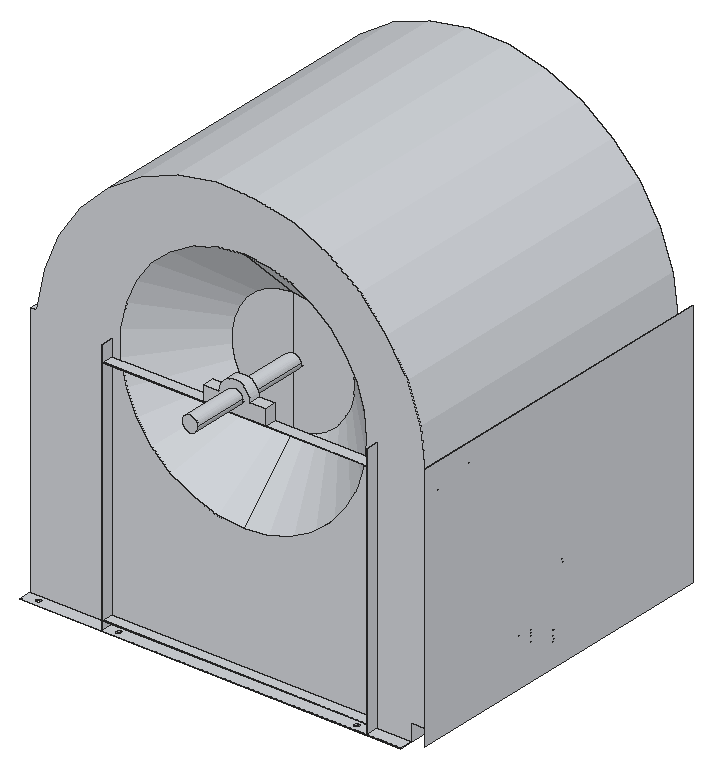
Revit family "CA_DWDI_CCW_BHD", category Mechanical Equipment, Revit 2019
Family settings
  Round Connector Dimension = Use Radius
  Part Type = Normal
  OmniClass Number = 23.75.35.17
  OmniClass Title = Fans
  Work Plane-Based = No
  Always vertical = Yes
  Cut with Voids When Loaded = No
  Shared = No
  Room Calculation Point = No
Parameters (values of type "490_CA-DWDI_CCW_BHD_CLASS_3")
  X/2 = X / 2  # 38 3/4"
  X = 77 1/2"
  W/2 = W / 2  # 17/32"
  W = 1 1/16"
  V = 18"
  Unit Weight [instance] = ""
  U = 26 1/2"
  Type_Mark [instance] = ""
  T = 36 13/16"
  Sones [instance] = ""
  S = 73 5/8"
  R/2 = R / 2  # 1 23/32"
  R+R = R + R  # 6 7/8"
  R = 3 7/16"
  P-N-M = P - N - M  # 2 1/2"
  P-N = -(P - N)  # -78 5/8"
  P = 90 5/8"
  N = 12"
  Motor RPM [instance] = ""
  Motor Enclosure [instance] = ""
  ModelID [instance] = ""
  M/2 = M / 2  # 38 1/16"
  M = 76 1/8"
  LwA [instance] = ""
  L = M / 2  # 38 1/16"
  K = 85"
  J = 47 9/16"
  INLET/2 = INLET / 2  # 27 1/2"
  INLET = 55"
  H-1.5 = H - 1 1/2"  # 88 1/4"
  H = 89 3/4"
  G/5*3 = INLET / 2  # 27 1/2"
  G/10*3 = INLET / 4  # 13 3/4"
  G-2.5" = G - R  # 53 9/16"
  G-(G/5*3) = if(G - INLET > 1/16", G - INLET, 1/4")  # 2"
  G+((G/5*3)+2") = G + ((INLET) + 2")  # 114"
  G = 57"
  Fan RPM [instance] = ""
  F-((D-A)/2) = F - ((D - A) / 2)  # 94 17/32"
  F = 96 3/4"
  E/2 = E / 2  # 37 9/32"
  E = 74 9/16"
  D/2 = D / 2  # 27 23/32"
  D = 55 7/16"
  BHD_L = 3 3/4"
  B/2 = B / 2  # 35 1/16"
  B+.25" = B + 1/4"  # 70 3/8"
  B = 70 1/8"
  Accessories [instance] = ""
  A/2 = A / 2  # 25 1/2"
  A+.25" = A + 1/4"  # 51 1/4"
  A = 51"
  3" = 3"  # constant formula
  Brake Hp [instance] = ""
  4" = 4"  # constant formula
  2' = 24"
  2" = 2"  # constant formula
  1" = 1"  # constant formula
  0 = 0"  # constant formula
  Voltage [instance] = 0 V
  URL = "www.lorencook.com"
  Type Comments = "Airfoil Centrifugal Blower Counter-Clockwise Bottom Horizontal Arrangement 3 Class 3"
  Static Pressure [instance] = 0.00 in-wg
  Power [instance] = Voltage * Motor FLA * sqrt(if(Phase = 3, 3, 1))  # 0 VA
  Phase [instance] = 0
  Number of Poles [instance] = 1
  Motor Hp [instance] = "0"
  Motor FLA [instance] = 0 A
  Model = "CA DWDI"  # constant formula
  Manufacturer = "Loren Cook Company"
  CFM [instance] = 0 CFM
  1.5 = 1 1/2"  # constant formula
  ONE EIGTH = 1/8"  # constant formula
  -P = -P  # -90 5/8"
  -((B+.25")/2) = -((B + 1/4") / 2)  # -35 3/16"
  (M-(B+.25"))/2 = (M - (B + 1/4")) / 2  # 2 7/8"
  (G/5*3)+2" = INLET / 2 + 2"  # 29 1/2"
  (D-A-.25")/2 = (D - A - 1/4") / 2  # 2 3/32"
  ((B+.25")/2) = ((B + 1/4") / 2)  # 35 3/16"
Reference planes (in)
  plane 1 "Center (Front/Back)": y = 0
  plane 2: z = 0
  plane 3 "Center (Left/Right)": x = 0.40541
Forms (in)
  Extrusion 1, solid
    sketch origin (0, 0, 0) x (1, 0, 0) y (0, 0, 1)
      loop
        arc (41.09291, 55) -> (-1.34287, 96.73845) -> (-45.65709, 57) r 43.47187
        line (-45.65709, 57) -> (-47.15709, 57) -> (-47.15709, 0) -> (37.84291, 0) -> (37.84291, 3.75) -> (42.59291, 3.75) -> (42.59291, 55) -> (41.09291, 55)
    from -35.1875 <- "-((B+.25")/2)" to 35.1875 <- "((B+.25")/2)"
  Revolve 2, void
    sketch origin (0.40541, 0, 0) x (0, 1, 0) y (0, 0, 1)
      loop
        line (35.1875, 84.5) -> (21.4375, 70.75) -> (21.4375, 57) -> (35.1875, 57) -> (35.1875, 84.5)
      loop
        line (-35.1875, 84.5) -> (-35.1875, 57) -> (-21.4375, 57) -> (-21.4375, 70.75) -> (-35.1875, 84.5)
      axis (35.1875, 57) -> (-35.1875, 57)
    angle from 0 to 360
  Extrusion 3, solid
    sketch origin (42.59291, 0, 55) x (0, 0, -1) y (0, 1, 0)
      loop
        line (-2.09375, -37.28125) -> (53.34375, -37.28125) -> (53.34375, 37.28125) -> (-2.09375, 37.28125) -> (-2.09375, -37.28125)
    from 0 to -0.125
  Extrusion 4, solid
    sketch origin (0, 0, 0) x (1, 0, 0) y (0, 1, 0)
      loop
        line (37.84291, 38.0625) -> (-47.15709, 38.0625) -> (-47.15709, 35.1875) -> (37.84291, 35.1875) -> (37.84291, 38.0625)
      loop
        line (-47.15709, -38.0625) -> (37.84291, -38.0625) -> (37.84291, -35.1875) -> (-47.15709, -35.1875) -> (-47.15709, -38.0625)
    from 0 to 0.125
  Extrusion 5, void
    sketch origin (0, 0, 0) x (1, 0, 0) y (0, 1, 0)
      loop
        circle (26.90541, 36.8125) r 0.53125
      loop
        circle (-26.09459, 36.8125) r 0.53125
      loop
        circle (-44.09459, 36.8125) r 0.53125
      loop
        circle (-44.09459, -36.8125) r 0.53125
      loop
        circle (-26.09459, -36.8125) r 0.53125
      loop
        circle (26.90541, -36.8125) r 0.53125
    from 0 to 0.125
  Extrusion 6, solid
    sketch origin (-47.15709, -38.0625, 0) x (1, 0, 0) y (0, 0, 1)
      loop
        circle (47.5625, 57) r 1.71875
    from 12 <- "N" to -78.625 <- "P-N"
  Extrusion 7, solid
    sketch origin (0, -35.1875, 0) x (1, 0, 0) y (0, 0, 1)
      loop
        line (29.90541, 57) -> (29.90541, 0) -> (30.03041, 0) -> (30.03041, 57) -> (29.90541, 57)
      loop
        line (-29.09459, 0) -> (-29.09459, 57) -> (-29.21959, 57) -> (-29.21959, 0) -> (-29.09459, 0)
    from 0 to 2.5 <- "P-N-M"
  Extrusion 8, solid
    sketch origin (0, -35.1875, 0) x (1, 0, 0) y (0, 0, 1)
      loop
        line (-29.09459, 2) -> (-29.09459, 1.875) -> (29.90541, 1.875) -> (29.90541, 2) -> (-29.09459, 2)
      loop
        line (29.90541, 53.5625) -> (-29.09459, 53.5625) -> (-29.09459, 53.4375) -> (29.90541, 53.4375) -> (29.90541, 53.5625)
    from 0 to 2.5 <- "P-N-M"
  Extrusion 9, solid
    sketch origin (0, -35.1875, 0) x (1, 0, 0) y (0, 0, 1)
      loop
        arc (3.84291, 57) -> (0.40541, 60.4375) -> (-3.03209, 57) r 3.4375
        line (-3.03209, 57) -> (-6.46959, 57) -> (-6.46959, 53.5625) -> (7.28041, 53.5625) -> (7.28041, 57) -> (3.84291, 57)
    from 0 to 2.5 <- "P-N-M"
  Extrusion 10, solid
    sketch origin (0, 35.1875, 0) x (-1, 0, 0) y (0, 0, 1)
      loop
        line (-29.90541, 0.125) -> (-29.90541, 57) -> (-30.03041, 57) -> (-30.03041, 0.125) -> (-29.90541, 0.125)
      loop
        line (29.09459, 57) -> (29.09459, 0.125) -> (29.21959, 0.125) -> (29.21959, 57) -> (29.09459, 57)
    from 0 to 2.5 <- "P-N-M"
  Extrusion 11, solid
    sketch origin (0, 35.1875, 0) x (-1, 0, 0) y (0, 0, 1)
      loop
        line (29.09459, 53.5625) -> (-29.90541, 53.5625) -> (-29.90541, 53.4375) -> (29.09459, 53.4375) -> (29.09459, 53.5625)
      loop
        line (-29.90541, 2) -> (-29.90541, 1.875) -> (29.09459, 1.875) -> (29.09459, 2) -> (-29.90541, 2)
    from 0 to 2.5 <- "P-N-M"
  Extrusion 12, solid
    sketch origin (0, 35.1875, 0) x (-1, 0, 0) y (0, 0, 1)
      loop
        arc (3.03209, 57) -> (-0.40541, 60.4375) -> (-3.84291, 57) r 3.4375
        line (-3.84291, 57) -> (-7.28041, 57) -> (-7.28041, 53.5625) -> (6.46959, 53.5625) -> (6.46959, 57) -> (3.03209, 57)
    from 0 to 2.5 <- "P-N-M"
Cuts and joins
  Revolve 2, Extrusion 5 cuts Extrusion 1
  Extrusion 5 cuts Extrusion 4
Dimensions and locks (in)
  "A+.25"": Extrusion 1 sketch curve to Extrusion 1 sketch curve
  "0": Extrusion 1 to Revolve 2 sketch curve
  "0": Revolve 2 sketch curve to Extrusion 1
  "G": level to Revolve 2 sketch curve
  "G": Revolve 2 sketch curve to level  (x2)
  "G/10*3": Revolve 2 sketch curve to Revolve 2 sketch curve  (x4)
  "E/2": Extrusion 3 sketch curve to plane 1 "Center (Front/Back)"
  "E/2": plane 1 "Center (Front/Back)" to Extrusion 3 sketch curve
  "D": Extrusion 3 sketch curve to Extrusion 3 sketch curve
  "0": cut or joined group of Extrusion 1, Revolve 2, Extrusion 5 to Extrusion 4 sketch curve  (x3)
  "0": Extrusion 4 sketch curve to cut or joined group of Extrusion 1, Revolve 2, Extrusion 5
  "M/2": Extrusion 4 sketch curve to plane 1 "Center (Front/Back)"
  "M/2": plane 1 "Center (Front/Back)" to Extrusion 4 sketch curve
  "T": plane 1 "Center (Front/Back)" to Extrusion 5 sketch curve  (x3)
  "T": Extrusion 5 sketch curve to plane 1 "Center (Front/Back)"  (x3)
  "U": Extrusion 5 sketch curve to plane 3 "Center (Left/Right)"  (x2)
  "U": plane 3 "Center (Left/Right)" to Extrusion 5 sketch curve  (x2)
  "V": Extrusion 5 sketch curve to Extrusion 5 sketch curve  (x2)
  "G": Extrusion 6 sketch curve to level
  "0": Extrusion 6 sketch curve to plane 3 "Center (Left/Right)"
  "0": Extrusion 7 sketch curve to level  (x2)
  "ONE EIGTH": Extrusion 7 sketch curve to Extrusion 7 sketch curve  (x2)
  "(G/5*3)+2"": Extrusion 7 sketch curve to plane 3 "Center (Left/Right)"
  "(G/5*3)+2"": plane 3 "Center (Left/Right)" to Extrusion 7 sketch curve
  "G": Extrusion 7 sketch curve to level  (x2)
  "(G/5*3)+2"": Extrusion 8 sketch curve to plane 3 "Center (Left/Right)"  (x2)
  "(G/5*3)+2"": plane 3 "Center (Left/Right)" to Extrusion 8 sketch curve  (x2)
  "ONE EIGTH": Extrusion 8 sketch curve to Extrusion 8 sketch curve  (x2)
  "G-(G/5*3)": Extrusion 8 sketch curve to level
  "G-2.5"": Extrusion 8 sketch curve to level
  "R+R": plane 3 "Center (Left/Right)" to Extrusion 9 sketch curve
  "R+R": Extrusion 9 sketch curve to plane 3 "Center (Left/Right)"
  "0": Extrusion 9 sketch curve to plane 3 "Center (Left/Right)"
  "G": Extrusion 9 sketch curve to cut or joined group of Extrusion 4, Extrusion 5
  "0": Extrusion 9 sketch curve to Extrusion 9 sketch curve  (x2)
  "0": Extrusion 9 sketch curve to Extrusion 8
  "ONE EIGTH": level to Extrusion 10 sketch curve  (x2)
  "0": Extrusion 10 sketch curve to Extrusion 7
  "ONE EIGTH": Extrusion 10 sketch curve to Extrusion 10 sketch curve  (x2)
  "(G/5*3)+2"": Extrusion 10 sketch curve to plane 3 "Center (Left/Right)"
  "(G/5*3)+2"": plane 3 "Center (Left/Right)" to Extrusion 10 sketch curve
  "(G/5*3)+2"": Extrusion 11 sketch curve to plane 3 "Center (Left/Right)"  (x2)
  "(G/5*3)+2"": plane 3 "Center (Left/Right)" to Extrusion 11 sketch curve  (x2)
  "ONE EIGTH": Extrusion 11 sketch curve to Extrusion 11 sketch curve  (x2)
  "0": Extrusion 8 to Extrusion 11 sketch curve  (x2)
  "0": Extrusion 12 sketch curve to Extrusion 11
  "G": level to Extrusion 12 sketch curve  (x3)
  "R+R": plane 3 "Center (Left/Right)" to Extrusion 12 sketch curve
  "R+R": Extrusion 12 sketch curve to plane 3 "Center (Left/Right)"
  "0": Extrusion 12 sketch curve to plane 3 "Center (Left/Right)"
  "INLET/2": Revolve 2 sketch curve to Revolve 2 sketch curve  (x2)
  "BHD_L": Extrusion 1 sketch curve to level
  "H": Extrusion 1 sketch curve to Extrusion 1 sketch curve
  "K": Extrusion 1 sketch curve to Extrusion 1 sketch curve
  "J": plane 3 "Center (Left/Right)" to Extrusion 1 sketch curve
  "0": Extrusion 1 sketch curve to level
  "G": Extrusion 1 sketch curve to level
  "1.5": Extrusion 1 sketch curve to Extrusion 1 sketch curve
  "F": Extrusion 1 sketch curve to level
  "G": Extrusion 10 sketch curve to level
  "(D-A-.25")/2": cut or joined group of Extrusion 1, Revolve 2, Extrusion 5 to Extrusion 3 sketch curve
  "K": Extrusion 4 sketch curve to Extrusion 4 sketch curve  (x2)
  "H-1.5": Extrusion 1 sketch curve to Extrusion 1 sketch curve
  "W/2": radius of Extrusion 5 sketch curve  (x6)
  "R/2": radius of Extrusion 6 sketch curve
  "R": radius of Extrusion 9 sketch curve
  "R": radius of Extrusion 12 sketch curve
Automatic sketch dimensions
  Extrusion 9 sketch curve to Extrusion 9 sketch curve = 0"
  plane 1 "Center (Front/Back)" to Revolve 2 sketch curve = 3.84814"
  Revolve 2 sketch curve to Revolve 2 sketch curve = 0"
Connectors (in)
  hvac at (0.40541, -35.1875, 57), driven by "INLET/2"
    settings: on cut or joined group of Extrusion 1, Revolve 2, Extrusion 5, index 1, duct flow 0 CFM, flow factor 0, pres drop 0.00 in-wg, loss coef 0, conn angle 0.00°, conn width 12", conn height 12", conn diameter 55", duct sys type 29, conn prof type 0, flow config 0, flow direction 1, loss method 0, conn ref index -1, conn util no, is conn primary yes, conn desc ""
  hvac at (42.59291, 0, 29.375), driven by "A", driven by "B"
    settings: on cut or joined group of Extrusion 1, Revolve 2, Extrusion 5, index 2, duct flow 0 CFM, flow factor 0, pres drop 0.00 in-wg, loss coef 0, conn angle 0.00°, conn width 70 1/8", conn height 51", conn diameter 24", duct sys type 29, conn prof type 1, flow config 0, flow direction 2, loss method 0, conn ref index -1, conn util no, is conn primary no, conn desc ""
  hvac at (0.40541, 35.1875, 57), driven by "INLET/2"
    settings: on cut or joined group of Extrusion 1, Revolve 2, Extrusion 5, index 3, duct flow 0 CFM, flow factor 0, pres drop 0.00 in-wg, loss coef 0, conn angle 0.00°, conn width 12", conn height 12", conn diameter 55", duct sys type 29, conn prof type 0, flow config 0, flow direction 1, loss method 0, conn ref index -1, conn util no, is conn primary no, conn desc ""
Types (61): name | X/2 | X | W/2 | W | V | U | T | S | R/2 | R+R | R | P-N-M | P-N | P | N | M/2 | M | L | K | J | INLET/2 | INLET | H-1.5 | H | G/5*3 | G/10*3 | G-2.5" | G-(G/5*3) | G+((G/5*3)+2") | G | F-((D-A)/2) | F | E/2 | E | D/2 | D | BHD_L | B/2 | B+.25" | B | A/2 | A+.25" | A | Type Comments | -P | -((B+.25")/2) | (M-(B+.25"))/2 | (G/5*3)+2" | (D-A-.25")/2 | ((B+.25")/2)
  (no name) | 38 3/4" | 77 1/2" | 17/32" | 1 1/16" | 18" | 26 1/2" | 36 13/16" | 73 5/8" | 1 23/32" | 6 7/8" | 3 7/16" | 2 1/2" | -78 5/8" | 90 5/8" | 12" | 38 1/16" | 76 1/8" | 38 1/16" | 85" | 47 9/16" | 27 1/2" | 55" | 88 1/4" | 89 3/4" | 27 1/2" | 13 3/4" | 53 9/16" | 2" | 114" | 57" | 94 17/32" | 96 3/4" | 37 9/32" | 74 9/16" | 27 23/32" | 55 7/16" | 3 3/4" | 35 1/16" | 70 3/8" | 70 1/8" | 25 1/2" | 51 1/4" | 51" | "Airfoil Centrifugal Blower Counter-Clockwise Bottom Horizontal Arrangement 3 Class 3" | -90 5/8" | -35 3/16" | 2 7/8" | 29 1/2" | 2 3/32" | 35 3/16"
  120_CA-DWDI_CCW_BHD_CLASS_1 | 10 31/32" | 21 15/16" | 11/32" | 11/16" | 18" | 7 1/2" | 9 31/32" | 19 15/16" | 23/32" | 2 7/8" | 1 7/16" | 1 1/4" | -22 15/16" | 28 11/16" | 5 3/4" | 10 27/32" | 21 11/16" | 10 27/32" | 22 1/2" | 12 3/8" | 8 1/16" | 16 1/8" | 23" | 24 1/2" | 8 1/16" | 4 1/32" | 14 9/16" | 1/4" | 34 1/8" | 16" | 24 1/16" | 25 3/4" | 10 17/32" | 21 1/16" | 7 3/4" | 15 1/2" | 2 15/16" | 8 27/32" | 17 15/16" | 17 11/16" | 6 1/16" | 12 3/8" | 12 1/8" | "Airfoil Centrifugal Blower Counter-Clockwise Bottom Horizontal Arrangement 3 Class 1" | -28 11/16" | -8 31/32" | 1 7/8" | 10 1/16" | 1 9/16" | 8 31/32"
  135_CA-DWDI_CCW_BHD_CLASS_1 | 12 3/32" | 24 3/16" | 11/32" | 11/16" | 18" | 8 1/2" | 11 3/32" | 22 3/16" | 23/32" | 2 7/8" | 1 7/16" | 1 1/4" | -25 3/16" | 30 15/16" | 5 3/4" | 11 31/32" | 23 15/16" | 11 31/32" | 25" | 13 7/8" | 8 13/16" | 17 5/8" | 25 1/2" | 27" | 8 13/16" | 4 13/32" | 15 9/16" | 1/4" | 36 5/8" | 17" | 26 5/16" | 28" | 11 21/32" | 23 5/16" | 8 1/2" | 17" | 2 5/16" | 9 31/32" | 20 3/16" | 19 15/16" | 6 13/16" | 13 7/8" | 13 5/8" | "Airfoil Centrifugal Blower Counter-Clockwise Bottom Horizontal Arrangement 3 Class 1" | -30 15/16" | -10 3/32" | 1 7/8" | 10 13/16" | 1 9/16" | 10 3/32"
  150_CA-DWDI_CCW_BHD_CLASS_1 | 13 1/8" | 26 1/4" | 11/32" | 11/16" | 18" | 9" | 12 1/8" | 24 1/4" | 27/32" | 3 3/8" | 1 11/16" | 1 5/8" | -27 5/8" | 34 1/4" | 6 5/8" | 13" | 26" | 13" | 26 7/8" | 15 3/16" | 9 9/16" | 19 1/8" | 27 1/2" | 29" | 9 9/16" | 4 25/32" | 17 5/16" | 1/4" | 40 1/8" | 19" | 29 1/2" | 31 3/16" | 12 11/16" | 25 3/8" | 9 5/16" | 18 5/8" | 2 11/16" | 11" | 22 1/4" | 22" | 7 5/8" | 15 1/2" | 15 1/4" | "Airfoil Centrifugal Blower Counter-Clockwise Bottom Horizontal Arrangement 3 Class 1" | -34 1/4" | -11 1/8" | 1 7/8" | 11 9/16" | 1 9/16" | 11 1/8"
  165_CA-DWDI_CCW_BHD_CLASS_1 | 14 1/8" | 28 1/4" | 11/32" | 11/16" | 18" | 10" | 13 1/8" | 26 1/4" | 27/32" | 3 3/8" | 1 11/16" | 1 5/8" | -29 5/8" | 36 1/4" | 6 5/8" | 14" | 28" | 14" | 29 1/8" | 16 5/8" | 10 19/32" | 21 3/16" | 30" | 31 1/2" | 10 19/32" | 5 19/64" | 19 5/16" | 1/4" | 44 3/16" | 21" | 32 11/16" | 34 3/8" | 13 11/16" | 27 3/8" | 10 5/32" | 20 5/16" | 3 1/16" | 12" | 24 1/4" | 24" | 8 15/32" | 17 3/16" | 16 15/16" | "Airfoil Centrifugal Blower Counter-Clockwise Bottom Horizontal Arrangement 3 Class 1" | -36 1/4" | -12 1/8" | 1 7/8" | 12 19/32" | 1 9/16" | 12 1/8"
  180_CA-DWDI_CCW_BHD_CLASS_1 | 15 5/32" | 30 5/16" | 11/32" | 11/16" | 18" | 11" | 14 5/32" | 28 5/16" | 27/32" | 3 3/8" | 1 11/16" | 1 5/8" | -31 11/16" | 38 13/16" | 7 1/8" | 15 1/32" | 30 1/16" | 15 1/32" | 30 7/8" | 18 1/8" | 11 11/32" | 22 11/16" | 32 1/4" | 33 3/4" | 11 11/32" | 5 43/64" | 20 5/16" | 1/4" | 46 11/16" | 22" | 34 15/16" | 36 5/8" | 14 23/32" | 29 7/16" | 10 15/16" | 21 7/8" | 2 7/16" | 13 1/32" | 26 5/16" | 26 1/16" | 9 1/4" | 18 3/4" | 18 1/2" | "Airfoil Centrifugal Blower Counter-Clockwise Bottom Horizontal Arrangement 3 Class 1" | -38 13/16" | -13 5/32" | 1 7/8" | 13 11/32" | 1 9/16" | 13 5/32"
  195_CA-DWDI_CCW_BHD_CLASS_1 | 16 11/32" | 32 11/16" | 11/32" | 11/16" | 6" | 11 1/2" | 15 11/32" | 30 11/16" | 31/32" | 3 7/8" | 1 15/16" | 2" | -34 7/16" | 41 11/16" | 7 1/4" | 16 7/32" | 32 7/16" | 16 7/32" | 33" | 19 7/16" | 12 3/32" | 24 3/16" | 34 3/4" | 36 1/4" | 12 3/32" | 6 3/64" | 22 1/16" | 1/4" | 50 3/16" | 24" | 38 1/8" | 39 13/16" | 15 29/32" | 31 13/16" | 11 7/16" | 22 7/8" | 2 13/16" | 14 7/32" | 28 11/16" | 28 7/16" | 9 3/4" | 19 3/4" | 19 1/2" | "Airfoil Centrifugal Blower Counter-Clockwise Bottom Horizontal Arrangement 3 Class 1" | -41 11/16" | -14 11/32" | 1 7/8" | 14 3/32" | 1 9/16" | 14 11/32"
  210_CA-DWDI_CCW_BHD_CLASS_1 | 17 5/16" | 34 5/8" | 13/32" | 13/16" | 7" | 12" | 16 5/16" | 32 5/8" | 31/32" | 3 7/8" | 1 15/16" | 1 7/8" | -36 1/4" | 44 1/8" | 7 7/8" | 17 3/16" | 34 3/8" | 17 3/16" | 38 7/8" | 21" | 12 31/32" | 25 15/16" | 39 1/2" | 41" | 12 31/32" | 6 31/64" | 24 1/16" | 1/4" | 53 15/16" | 26" | 41 3/8" | 43 1/16" | 16 7/8" | 33 3/4" | 12 1/2" | 25" | 3 1/8" | 15 3/16" | 30 5/8" | 30 3/8" | 10 13/16" | 21 7/8" | 21 5/8" | "Airfoil Centrifugal Blower Counter-Clockwise Bottom Horizontal Arrangement 3 Class 1" | -44 1/8" | -15 5/16" | 1 7/8" | 14 31/32" | 1 9/16" | 15 5/16"
  225_CA-DWDI_CCW_BHD_CLASS_1 | 18 3/8" | 36 3/4" | 13/32" | 13/16" | 7 1/2" | 12 1/2" | 17 3/8" | 34 3/4" | 31/32" | 3 7/8" | 1 15/16" | 3 7/8" | -40 3/8" | 48 1/4" | 7 7/8" | 18 1/4" | 36 1/2" | 18 1/4" | 41 1/4" | 22 3/8" | 13 23/32" | 27 7/16" | 41 1/2" | 43" | 13 23/32" | 6 55/64" | 26 1/16" | 9/16" | 57 7/16" | 28" | 44 9/16" | 46 1/4" | 17 15/16" | 35 7/8" | 13 9/32" | 26 9/16" | 3 1/2" | 16 1/4" | 32 3/4" | 32 1/2" | 11 19/32" | 23 7/16" | 23 3/16" | "Airfoil Centrifugal Blower Counter-Clockwise Bottom Horizontal Arrangement 3 Class 1" | -48 1/4" | -16 3/8" | 1 7/8" | 15 23/32" | 1 9/16" | 16 3/8"
  245_CA-DWDI_CCW_BHD_CLASS_1 | 20 21/32" | 41 5/16" | 13/32" | 13/16" | 8" | 13 1/2" | 18 21/32" | 37 5/16" | 1 3/32" | 4 3/8" | 2 3/16" | 2 1/8" | -41 3/16" | 49 13/16" | 8 5/8" | 19 17/32" | 39 1/16" | 19 17/32" | 43 5/8" | 24 1/4" | 14 23/32" | 29 7/16" | 44 1/2" | 46" | 14 23/32" | 7 23/64" | 27 13/16" | 9/16" | 61 7/16" | 30" | 48 3/16" | 49 7/8" | 19 7/32" | 38 7/16" | 14 7/16" | 28 7/8" | 3 3/8" | 17 17/32" | 35 5/16" | 35 1/16" | 12 3/4" | 25 3/4" | 25 1/2" | "Airfoil Centrifugal Blower Counter-Clockwise Bottom Horizontal Arrangement 3 Class 1" | -49 13/16" | -17 21/32" | 1 7/8" | 16 23/32" | 1 9/16" | 17 21/32"
  270_CA-DWDI_CCW_BHD_CLASS_1 | 22 27/32" | 45 11/16" | 13/32" | 13/16" | 9" | 15" | 20 27/32" | 41 11/16" | 1 3/32" | 4 3/8" | 2 3/16" | 2 1/8" | -45 9/16" | 54 3/16" | 8 5/8" | 21 23/32" | 43 7/16" | 21 23/32" | 47 1/8" | 26 5/8" | 15 31/32" | 31 15/16" | 48 1/2" | 50" | 15 31/32" | 7 63/64" | 30 13/16" | 1 1/16" | 66 15/16" | 33" | 53 1/4" | 54 15/16" | 21 13/32" | 42 13/16" | 15 7/16" | 30 7/8" | 3 5/8" | 19 23/32" | 39 11/16" | 39 7/16" | 13 3/4" | 27 3/4" | 27 1/2" | "Airfoil Centrifugal Blower Counter-Clockwise Bottom Horizontal Arrangement 3 Class 1" | -54 3/16" | -19 27/32" | 1 7/8" | 17 31/32" | 1 9/16" | 19 27/32"
  300_CA-DWDI_CCW_BHD_CLASS_1 | 24 5/8" | 49 1/4" | 13/32" | 13/16" | 10" | 16 1/2" | 22 5/8" | 45 1/4" | 1 7/32" | 4 7/8" | 2 7/16" | 2 1/4" | -49 1/4" | 58 1/2" | 9 1/4" | 23 1/2" | 47" | 23 1/2" | 52" | 29 1/2" | 17 15/32" | 34 15/16" | 53 7/8" | 55 3/8" | 17 15/32" | 8 47/64" | 33 9/16" | 1 1/16" | 72 15/16" | 36" | 58 21/32" | 60 3/8" | 23 7/32" | 46 7/16" | 17 5/16" | 34 5/8" | 3 3/8" | 21 1/2" | 43 1/4" | 43" | 15 19/32" | 31 7/16" | 31 3/16" | "Airfoil Centrifugal Blower Counter-Clockwise Bottom Horizontal Arrangement 3 Class 1" | -58 1/2" | -21 5/8" | 1 7/8" | 19 15/32" | 1 19/32" | 21 5/8"
  330_CA-DWDI_CCW_BHD_CLASS_1 | 26 23/32" | 53 7/16" | 13/32" | 13/16" | 12" | 18" | 24 21/32" | 49 5/16" | 1 11/32" | 5 3/8" | 2 11/16" | 2 7/16" | -53 1/2" | 63 9/16" | 10 1/16" | 25 17/32" | 51 1/16" | 25 17/32" | 57" | 32 5/16" | 18 31/32" | 37 15/16" | 59 1/4" | 60 3/4" | 18 31/32" | 9 31/64" | 36 5/16" | 1 1/16" | 78 15/16" | 39" | 63 19/32" | 65 13/16" | 25 3/4" | 51 1/2" | 19 15/32" | 38 15/16" | 3 1/8" | 23 17/32" | 47 5/16" | 47 1/16" | 17 1/4" | 34 3/4" | 34 1/2" | "Airfoil Centrifugal Blower Counter-Clockwise Bottom Horizontal Arrangement 3 Class 1" | -63 9/16" | -23 21/32" | 1 7/8" | 20 31/32" | 2 3/32" | 23 21/32"
  365_CA-DWDI_CCW_BHD_CLASS_1 | 29 9/32" | 58 9/16" | 13/32" | 13/16" | 13" | 20" | 27 7/32" | 54 7/16" | 1 3/32" | 4 3/8" | 2 3/16" | 2 13/16" | -59" | 69 5/16" | 10 5/16" | 28 3/32" | 56 3/16" | 28 3/32" | 63" | 35 9/16" | 20 23/32" | 41 7/16" | 65 1/2" | 67" | 20 23/32" | 10 23/64" | 40 13/16" | 1 9/16" | 86 7/16" | 43" | 70 13/32" | 72 5/8" | 28 5/16" | 56 5/8" | 21 9/16" | 43 1/8" | 3 1/4" | 26 3/32" | 52 7/16" | 52 3/16" | 19 11/32" | 38 15/16" | 38 11/16" | "Airfoil Centrifugal Blower Counter-Clockwise Bottom Horizontal Arrangement 3 Class 1" | -69 5/16" | -26 7/32" | 1 7/8" | 22 23/32" | 2 3/32" | 26 7/32"
  402_CA-DWDI_CCW_BHD_CLASS_1 | 32 19/32" | 65 3/16" | 17/32" | 1 1/16" | 14" | 22" | 30 21/32" | 61 5/16" | 1 7/32" | 4 7/8" | 2 7/16" | 1 7/8" | -65 11/16" | 75 11/16" | 10" | 31 29/32" | 63 13/16" | 31 29/32" | 69" | 39 3/16" | 22 19/32" | 45 3/16" | 72 3/8" | 73 7/8" | 22 19/32" | 11 19/64" | 44 9/16" | 1 13/16" | 94 3/16" | 47" | 77 13/32" | 79 5/8" | 31 1/8" | 62 1/4" | 23 3/32" | 46 3/16" | 3 1/4" | 28 29/32" | 58 1/16" | 57 13/16" | 20 7/8" | 42" | 41 3/4" | "Airfoil Centrifugal Blower Counter-Clockwise Bottom Horizontal Arrangement 3 Class 1" | -75 11/16" | -29 1/32" | 2 7/8" | 24 19/32" | 2 3/32" | 29 1/32"
  445_CA-DWDI_CCW_BHD_CLASS_1 | 35 13/16" | 71 5/8" | 17/32" | 1 1/16" | 16" | 24" | 33 7/8" | 67 3/4" | 1 7/32" | 4 7/8" | 2 7/16" | 1 3/4" | -72" | 82 5/8" | 10 5/8" | 35 1/8" | 70 1/4" | 35 1/8" | 77" | 43 3/16" | 24 23/32" | 49 7/16" | 80" | 81 1/2" | 24 23/32" | 12 23/64" | 49 9/16" | 2 9/16" | 103 7/16" | 52" | 85 29/32" | 88 1/8" | 34 11/32" | 68 11/16" | 25 3/16" | 50 3/8" | 3 5/8" | 32 1/8" | 64 1/2" | 64 1/4" | 22 31/32" | 46 3/16" | 45 15/16" | "Airfoil Centrifugal Blower Counter-Clockwise Bottom Horizontal Arrangement 3 Class 1" | -82 5/8" | -32 1/4" | 2 7/8" | 26 23/32" | 2 3/32" | 32 1/4"
  490_CA-DWDI_CCW_BHD_CLASS_1 | 38 3/4" | 77 1/2" | 17/32" | 1 1/16" | 18" | 26 1/2" | 36 13/16" | 73 5/8" | 1 15/32" | 5 7/8" | 2 15/16" | 1 7/8" | -78" | 89 1/2" | 11 1/2" | 38 1/16" | 76 1/8" | 38 1/16" | 85" | 47 9/16" | 27 1/2" | 55" | 88 1/4" | 89 3/4" | 27 1/2" | 13 3/4" | 54 1/16" | 2" | 114" | 57" | 94 17/32" | 96 3/4" | 37 9/32" | 74 9/16" | 27 23/32" | 55 7/16" | 3 3/4" | 35 1/16" | 70 3/8" | 70 1/8" | 25 1/2" | 51 1/4" | 51" | "Airfoil Centrifugal Blower Counter-Clockwise Bottom Horizontal Arrangement 3 Class 1" | -89 1/2" | -35 3/16" | 2 7/8" | 29 1/2" | 2 3/32" | 35 3/16"
  540_CA-DWDI_CCW_BHD_CLASS_1 | 44 5/32" | 88 5/16" | 17/32" | 1 1/16" | 20" | 29" | 40 23/32" | 81 7/16" | 1 23/32" | 6 7/8" | 3 7/16" | 1 15/16" | -85 7/8" | 98 5/16" | 12 7/16" | 41 31/32" | 83 15/16" | 41 31/32" | 94" | 52 1/4" | 30" | 60" | 97 1/4" | 98 3/4" | 30" | 15" | 58 9/16" | 2" | 124" | 62" | 103 19/32" | 105 13/16" | 41 3/16" | 82 3/8" | 30 3/32" | 60 3/16" | 3 1/4" | 38 31/32" | 78 3/16" | 77 15/16" | 27 7/8" | 56" | 55 3/4" | "Airfoil Centrifugal Blower Counter-Clockwise Bottom Horizontal Arrangement 3 Class 1" | -98 5/16" | -39 3/32" | 2 7/8" | 32" | 2 3/32" | 39 3/32"
  600_CA-DWDI_CCW_BHD_CLASS_1 | 48 5/16" | 96 5/8" | 17/32" | 1 1/16" | 22" | 32" | 44 7/8" | 89 3/4" | 1 23/32" | 6 7/8" | 3 7/16" | 2 1/4" | -94 1/2" | 107 1/2" | 13" | 46 1/8" | 92 1/4" | 46 1/8" | 105" | 57 15/16" | 33" | 66" | 108 1/8" | 109 5/8" | 33" | 16 1/2" | 65 9/16" | 3" | 137" | 69" | 115 15/32" | 117 11/16" | 45 11/32" | 90 11/16" | 33 5/16" | 66 5/8" | 3 3/4" | 43 1/8" | 86 1/2" | 86 1/4" | 31 3/32" | 62 7/16" | 62 3/16" | "Airfoil Centrifugal Blower Counter-Clockwise Bottom Horizontal Arrangement 3 Class 1" | -107 1/2" | -43 1/4" | 2 7/8" | 35" | 2 3/32" | 43 1/4"
  660_CA-DWDI_CCW_BHD_CLASS_1 | 52 5/8" | 105 1/4" | 17/32" | 1 1/16" | 25" | 35" | 49 3/16" | 98 3/8" | 1 31/32" | 7 7/8" | 3 15/16" | 2 3/16" | -103 1/16" | 117 7/8" | 14 13/16" | 50 7/16" | 100 7/8" | 50 7/16" | 116" | 63 3/4" | 36" | 72" | 119 1/8" | 120 5/8" | 36" | 18" | 71 1/16" | 3" | 149" | 75" | 126 11/32" | 128 9/16" | 49 21/32" | 99 5/16" | 36 7/16" | 72 7/8" | 3 1/4" | 47 7/16" | 95 1/8" | 94 7/8" | 34 7/32" | 68 11/16" | 68 7/16" | "Airfoil Centrifugal Blower Counter-Clockwise Bottom Horizontal Arrangement 3 Class 1" | -117 7/8" | -47 9/16" | 2 7/8" | 38" | 2 3/32" | 47 9/16"
  730 _CA-DWDI_CCW_BHD_CLASS_1 | 57 9/16" | 115 1/8" | 17/32" | 1 1/16" | 28" | 38 1/2" | 54 1/8" | 108 1/4" | 2 7/32" | 8 7/8" | 4 7/16" | 2 3/16" | -112 15/16" | 129 1/4" | 16 5/16" | 55 3/8" | 110 3/4" | 55 3/8" | 129" | 70 3/8" | 39 1/2" | 79" | 131 3/4" | 133 1/4" | 39 1/2" | 19 3/4" | 78 9/16" | 4" | 164" | 83" | 140 1/32" | 142 1/4" | 54 19/32" | 109 3/16" | 40 1/8" | 80 1/4" | 3 5/8" | 52 3/8" | 105" | 104 3/4" | 37 29/32" | 76 1/16" | 75 13/16" | "Airfoil Centrifugal Blower Counter-Clockwise Bottom Horizontal Arrangement 3 Class 1" | -129 1/4" | -52 1/2" | 2 7/8" | 41 1/2" | 2 3/32" | 52 1/2"
  120_CA-DWDI_CCW_BHD_CLASS_2 | 10 31/32" | 21 15/16" | 11/32" | 11/16" | 18" | 7 1/2" | 9 31/32" | 19 15/16" | 27/32" | 3 3/8" | 1 11/16" | 1 5/8" | -23 5/16" | 29 7/16" | 6 1/8" | 10 27/32" | 21 11/16" | 10 27/32" | 22 1/2" | 12 3/8" | 8 1/16" | 16 1/8" | 23" | 24 1/2" | 8 1/16" | 4 1/32" | 14 5/16" | 1/4" | 34 1/8" | 16" | 24 1/16" | 25 3/4" | 10 17/32" | 21 1/16" | 7 3/4" | 15 1/2" | 2 15/16" | 8 27/32" | 17 15/16" | 17 11/16" | 6 1/16" | 12 3/8" | 12 1/8" | "Airfoil Centrifugal Blower Counter-Clockwise Bottom Horizontal Arrangement 3 Class 2" | -29 7/16" | -8 31/32" | 1 7/8" | 10 1/16" | 1 9/16" | 8 31/32"
  120_CA-DWDI_CCW_BHD_CLASS_3 | 10 31/32" | 21 15/16" | 11/32" | 11/16" | 18" | 7 1/2" | 9 31/32" | 19 15/16" | 31/32" | 3 7/8" | 1 15/16" | 1 7/8" | -23 9/16" | 29 15/16" | 6 3/8" | 10 27/32" | 21 11/16" | 10 27/32" | 22 1/2" | 12 3/8" | 8 1/16" | 16 1/8" | 23" | 24 1/2" | 8 1/16" | 4 1/32" | 14 1/16" | 1/4" | 34 1/8" | 16" | 24 1/16" | 25 3/4" | 10 17/32" | 21 1/16" | 7 3/4" | 15 1/2" | 2 15/16" | 8 27/32" | 17 15/16" | 17 11/16" | 6 1/16" | 12 3/8" | 12 1/8" | "Airfoil Centrifugal Blower Counter-Clockwise Bottom Horizontal Arrangement 3 Class 3" | -29 15/16" | -8 31/32" | 1 7/8" | 10 1/16" | 1 9/16" | 8 31/32"
  135_CA-DWDI_CCW_BHD_CLASS_2 | 12 3/32" | 24 3/16" | 11/32" | 11/16" | 18" | 8 1/2" | 11 3/32" | 22 3/16" | 27/32" | 3 3/8" | 1 11/16" | 1 5/8" | -25 9/16" | 31 11/16" | 6 1/8" | 11 31/32" | 23 15/16" | 11 31/32" | 25" | 13 7/8" | 8 13/16" | 17 5/8" | 25 1/2" | 27" | 8 13/16" | 4 13/32" | 15 5/16" | 1/4" | 36 5/8" | 17" | 26 5/16" | 28" | 11 21/32" | 23 5/16" | 8 1/2" | 17" | 2 5/16" | 9 31/32" | 20 3/16" | 19 15/16" | 6 13/16" | 13 7/8" | 13 5/8" | "Airfoil Centrifugal Blower Counter-Clockwise Bottom Horizontal Arrangement 3 Class 2" | -31 11/16" | -10 3/32" | 1 7/8" | 10 13/16" | 1 9/16" | 10 3/32"
  135_CA-DWDI_CCW_BHD_CLASS_3 | 12 3/32" | 24 3/16" | 11/32" | 11/16" | 18" | 8 1/2" | 11 3/32" | 22 3/16" | 1 3/32" | 4 3/8" | 2 3/16" | 2 1/8" | -26 1/16" | 32 11/16" | 6 5/8" | 11 31/32" | 23 15/16" | 11 31/32" | 25" | 13 7/8" | 8 13/16" | 17 5/8" | 25 1/2" | 27" | 8 13/16" | 4 13/32" | 14 13/16" | 1/4" | 36 5/8" | 17" | 26 5/16" | 28" | 11 21/32" | 23 5/16" | 8 1/2" | 17" | 2 5/16" | 9 31/32" | 20 3/16" | 19 15/16" | 6 13/16" | 13 7/8" | 13 5/8" | "Airfoil Centrifugal Blower Counter-Clockwise Bottom Horizontal Arrangement 3 Class 3" | -32 11/16" | -10 3/32" | 1 7/8" | 10 13/16" | 1 9/16" | 10 3/32"
  150_CA-DWDI_CCW_BHD_CLASS_2 | 13 1/8" | 26 1/4" | 11/32" | 11/16" | 18" | 9" | 12 1/8" | 24 1/4" | 31/32" | 3 7/8" | 1 15/16" | 1 7/8" | -27 7/8" | 34 3/4" | 6 7/8" | 13" | 26" | 13" | 26 7/8" | 15 3/16" | 9 9/16" | 19 1/8" | 27 1/2" | 29" | 9 9/16" | 4 25/32" | 17 1/16" | 1/4" | 40 1/8" | 19" | 29 1/2" | 31 3/16" | 12 11/16" | 25 3/8" | 9 5/16" | 18 5/8" | 2 11/16" | 11" | 22 1/4" | 22" | 7 5/8" | 15 1/2" | 15 1/4" | "Airfoil Centrifugal Blower Counter-Clockwise Bottom Horizontal Arrangement 3 Class 2" | -34 3/4" | -11 1/8" | 1 7/8" | 11 9/16" | 1 9/16" | 11 1/8"
  150_CA-DWDI_CCW_BHD_CLASS_3 | 13 1/8" | 26 1/4" | 11/32" | 11/16" | 18" | 9" | 12 1/8" | 24 1/4" | 1 7/32" | 4 7/8" | 2 7/16" | 2 1/4" | -28 1/4" | 35 1/2" | 7 1/4" | 13" | 26" | 13" | 26 7/8" | 15 3/16" | 9 9/16" | 19 1/8" | 27 1/2" | 29" | 9 9/16" | 4 25/32" | 16 9/16" | 1/4" | 40 1/8" | 19" | 29 1/2" | 31 3/16" | 12 11/16" | 25 3/8" | 9 5/16" | 18 5/8" | 2 11/16" | 11" | 22 1/4" | 22" | 7 5/8" | 15 1/2" | 15 1/4" | "Airfoil Centrifugal Blower Counter-Clockwise Bottom Horizontal Arrangement 3 Class 3" | -35 1/2" | -11 1/8" | 1 7/8" | 11 9/16" | 1 9/16" | 11 1/8"
  165_CA-DWDI_CCW_BHD_CLASS_2 | 14 1/8" | 28 1/4" | 11/32" | 11/16" | 18" | 10" | 13 1/8" | 26 1/4" | 31/32" | 3 7/8" | 1 15/16" | 1 7/8" | -29 7/8" | 36 3/4" | 6 7/8" | 14" | 28" | 14" | 29 1/8" | 16 5/8" | 10 19/32" | 21 3/16" | 30" | 31 1/2" | 10 19/32" | 5 19/64" | 19 1/16" | 1/4" | 44 3/16" | 21" | 32 11/16" | 34 3/8" | 13 11/16" | 27 3/8" | 10 5/32" | 20 5/16" | 3 1/16" | 12" | 24 1/4" | 24" | 8 15/32" | 17 3/16" | 16 15/16" | "Airfoil Centrifugal Blower Counter-Clockwise Bottom Horizontal Arrangement 3 Class 2" | -36 3/4" | -12 1/8" | 1 7/8" | 12 19/32" | 1 9/16" | 12 1/8"
  165_CA-DWDI_CCW_BHD_CLASS_3 | 14 1/8" | 28 1/4" | 11/32" | 11/16" | 18" | 10" | 13 1/8" | 26 1/4" | 1 7/32" | 4 7/8" | 2 7/16" | 2 5/16" | -30 5/16" | 37 1/2" | 7 3/16" | 14" | 28" | 14" | 29 1/8" | 16 5/8" | 10 19/32" | 21 3/16" | 30" | 31 1/2" | 10 19/32" | 5 19/64" | 18 9/16" | 1/4" | 44 3/16" | 21" | 32 11/16" | 34 3/8" | 13 11/16" | 27 3/8" | 10 5/32" | 20 5/16" | 3 1/16" | 12" | 24 1/4" | 24" | 8 15/32" | 17 3/16" | 16 15/16" | "Airfoil Centrifugal Blower Counter-Clockwise Bottom Horizontal Arrangement 3 Class 3" | -37 1/2" | -12 1/8" | 1 7/8" | 12 19/32" | 1 9/16" | 12 1/8"
  180_CA-DWDI_CCW_BHD_CLASS_2 | 15 5/32" | 30 5/16" | 11/32" | 11/16" | 18" | 11" | 14 5/32" | 28 5/16" | 31/32" | 3 7/8" | 1 15/16" | 1 7/8" | -31 15/16" | 39 5/16" | 7 3/8" | 15 1/32" | 30 1/16" | 15 1/32" | 30 7/8" | 18 1/8" | 11 11/32" | 22 11/16" | 32 1/4" | 33 3/4" | 11 11/32" | 5 43/64" | 20 1/16" | 1/4" | 46 11/16" | 22" | 34 15/16" | 36 5/8" | 14 23/32" | 29 7/16" | 10 15/16" | 21 7/8" | 2 7/16" | 13 1/32" | 26 5/16" | 26 1/16" | 9 1/4" | 18 3/4" | 18 1/2" | "Airfoil Centrifugal Blower Counter-Clockwise Bottom Horizontal Arrangement 3 Class 2" | -39 5/16" | -13 5/32" | 1 7/8" | 13 11/32" | 1 9/16" | 13 5/32"
  180_CA-DWDI_CCW_BHD_CLASS_3 | 15 5/32" | 30 5/16" | 11/32" | 11/16" | 18" | 11" | 14 5/32" | 28 5/16" | 1 7/32" | 4 7/8" | 2 7/16" | 2 1/4" | -32 5/16" | 40 1/16" | 7 3/4" | 15 1/32" | 30 1/16" | 15 1/32" | 30 7/8" | 18 1/8" | 11 11/32" | 22 11/16" | 32 1/4" | 33 3/4" | 11 11/32" | 5 43/64" | 19 9/16" | 1/4" | 46 11/16" | 22" | 34 15/16" | 36 5/8" | 14 23/32" | 29 7/16" | 10 15/16" | 21 7/8" | 2 7/16" | 13 1/32" | 26 5/16" | 26 1/16" | 9 1/4" | 18 3/4" | 18 1/2" | "Airfoil Centrifugal Blower Counter-Clockwise Bottom Horizontal Arrangement 3 Class 3" | -40 1/16" | -13 5/32" | 1 7/8" | 13 11/32" | 1 9/16" | 13 5/32"
  195_CA-DWDI_CCW_BHD_CLASS_2 | 16 11/32" | 32 11/16" | 11/32" | 11/16" | 6" | 11 1/2" | 15 11/32" | 30 11/16" | 1 3/32" | 4 3/8" | 2 3/16" | 2 1/8" | -34 9/16" | 42 3/16" | 7 5/8" | 16 7/32" | 32 7/16" | 16 7/32" | 33" | 19 7/16" | 12 3/32" | 24 3/16" | 34 3/4" | 36 1/4" | 12 3/32" | 6 3/64" | 21 13/16" | 1/4" | 50 3/16" | 24" | 38 1/8" | 39 13/16" | 15 29/32" | 31 13/16" | 11 7/16" | 22 7/8" | 2 13/16" | 14 7/32" | 28 11/16" | 28 7/16" | 9 3/4" | 19 3/4" | 19 1/2" | "Airfoil Centrifugal Blower Counter-Clockwise Bottom Horizontal Arrangement 3 Class 2" | -42 3/16" | -14 11/32" | 1 7/8" | 14 3/32" | 1 9/16" | 14 11/32"
  195_CA-DWDI_CCW_BHD_CLASS_3 | 16 11/32" | 32 11/16" | 11/32" | 11/16" | 6" | 11 1/2" | 15 11/32" | 30 11/16" | 1 11/32" | 5 3/8" | 2 11/16" | 2 1/2" | -34 15/16" | 42 15/16" | 8" | 16 7/32" | 32 7/16" | 16 7/32" | 33" | 19 7/16" | 12 3/32" | 24 3/16" | 34 3/4" | 36 1/4" | 12 3/32" | 6 3/64" | 21 5/16" | 1/4" | 50 3/16" | 24" | 38 1/8" | 39 13/16" | 15 29/32" | 31 13/16" | 11 7/16" | 22 7/8" | 2 13/16" | 14 7/32" | 28 11/16" | 28 7/16" | 9 3/4" | 19 3/4" | 19 1/2" | "Airfoil Centrifugal Blower Counter-Clockwise Bottom Horizontal Arrangement 3 Class 3" | -42 15/16" | -14 11/32" | 1 7/8" | 14 3/32" | 1 9/16" | 14 11/32"
  210_CA-DWDI_CCW_BHD_CLASS_2 | 17 5/16" | 34 5/8" | 13/32" | 13/16" | 7" | 12" | 16 5/16" | 32 5/8" | 1 3/32" | 4 3/8" | 2 3/16" | 2 1/8" | -36 1/2" | 44 5/8" | 8 1/8" | 17 3/16" | 34 3/8" | 17 3/16" | 38 7/8" | 21" | 12 31/32" | 25 15/16" | 39 1/2" | 41" | 12 31/32" | 6 31/64" | 23 13/16" | 1/4" | 53 15/16" | 26" | 41 3/8" | 43 1/16" | 16 7/8" | 33 3/4" | 12 1/2" | 25" | 3 1/8" | 15 3/16" | 30 5/8" | 30 3/8" | 10 13/16" | 21 7/8" | 21 5/8" | "Airfoil Centrifugal Blower Counter-Clockwise Bottom Horizontal Arrangement 3 Class 2" | -44 5/8" | -15 5/16" | 1 7/8" | 14 31/32" | 1 9/16" | 15 5/16"
  210_CA-DWDI_CCW_BHD_CLASS_3 | 17 5/16" | 34 5/8" | 13/32" | 13/16" | 7" | 12" | 16 5/16" | 32 5/8" | 1 11/32" | 5 3/8" | 2 11/16" | 2 1/2" | -36 7/8" | 45 3/8" | 8 1/2" | 17 3/16" | 34 3/8" | 17 3/16" | 38 7/8" | 21" | 12 31/32" | 25 15/16" | 39 1/2" | 41" | 12 31/32" | 6 31/64" | 23 5/16" | 1/4" | 53 15/16" | 26" | 41 3/8" | 43 1/16" | 16 7/8" | 33 3/4" | 12 1/2" | 25" | 3 1/8" | 15 3/16" | 30 5/8" | 30 3/8" | 10 13/16" | 21 7/8" | 21 5/8" | "Airfoil Centrifugal Blower Counter-Clockwise Bottom Horizontal Arrangement 3 Class 3" | -45 3/8" | -15 5/16" | 1 7/8" | 14 31/32" | 1 9/16" | 15 5/16"
  225_CA-DWDI_CCW_BHD_CLASS_2 | 18 3/8" | 36 3/4" | 13/32" | 13/16" | 7 1/2" | 12 1/2" | 17 3/8" | 34 3/4" | 1 7/32" | 4 7/8" | 2 7/16" | 2 1/4" | -38 3/4" | 47" | 8 1/4" | 18 1/4" | 36 1/2" | 18 1/4" | 41 1/4" | 22 3/8" | 13 23/32" | 27 7/16" | 41 1/2" | 43" | 13 23/32" | 6 55/64" | 25 9/16" | 9/16" | 57 7/16" | 28" | 44 9/16" | 46 1/4" | 17 15/16" | 35 7/8" | 13 9/32" | 26 9/16" | 3 1/2" | 16 1/4" | 32 3/4" | 32 1/2" | 11 19/32" | 23 7/16" | 23 3/16" | "Airfoil Centrifugal Blower Counter-Clockwise Bottom Horizontal Arrangement 3 Class 2" | -47" | -16 3/8" | 1 7/8" | 15 23/32" | 1 9/16" | 16 3/8"
  225_CA-DWDI_CCW_BHD_CLASS_3 | 18 3/8" | 36 3/4" | 13/32" | 13/16" | 7 1/2" | 12 1/2" | 17 3/8" | 34 3/4" | 1 15/32" | 5 7/8" | 2 15/16" | 2 1/2" | -39" | 47 1/2" | 8 1/2" | 18 1/4" | 36 1/2" | 18 1/4" | 41 1/4" | 22 3/8" | 13 23/32" | 27 7/16" | 41 1/2" | 43" | 13 23/32" | 6 55/64" | 25 1/16" | 9/16" | 57 7/16" | 28" | 44 9/16" | 46 1/4" | 17 15/16" | 35 7/8" | 13 9/32" | 26 9/16" | 3 1/2" | 16 1/4" | 32 3/4" | 32 1/2" | 11 19/32" | 23 7/16" | 23 3/16" | "Airfoil Centrifugal Blower Counter-Clockwise Bottom Horizontal Arrangement 3 Class 3" | -47 1/2" | -16 3/8" | 1 7/8" | 15 23/32" | 1 9/16" | 16 3/8"
  245_CA-DWDI_CCW_BHD_CLASS_2 | 20 21/32" | 41 5/16" | 13/32" | 13/16" | 8" | 13 1/2" | 18 21/32" | 37 5/16" | 1 7/32" | 4 7/8" | 2 7/16" | 2 1/4" | -41 5/16" | 50 1/16" | 8 3/4" | 19 17/32" | 39 1/16" | 19 17/32" | 43 5/8" | 24 1/4" | 14 23/32" | 29 7/16" | 44 1/2" | 46" | 14 23/32" | 7 23/64" | 27 9/16" | 9/16" | 61 7/16" | 30" | 48 3/16" | 49 7/8" | 19 7/32" | 38 7/16" | 14 7/16" | 28 7/8" | 3 3/8" | 17 17/32" | 35 5/16" | 35 1/16" | 12 3/4" | 25 3/4" | 25 1/2" | "Airfoil Centrifugal Blower Counter-Clockwise Bottom Horizontal Arrangement 3 Class 2" | -50 1/16" | -17 21/32" | 1 7/8" | 16 23/32" | 1 9/16" | 17 21/32"
  245_CA-DWDI_CCW_BHD_CLASS_3 | 20 21/32" | 41 5/16" | 13/32" | 13/16" | 8" | 13 1/2" | 18 21/32" | 37 5/16" | 1 3/32" | 4 3/8" | 2 3/16" | 2 7/8" | -41 15/16" | 50 11/16" | 8 3/4" | 19 17/32" | 39 1/16" | 19 17/32" | 43 5/8" | 24 1/4" | 14 23/32" | 29 7/16" | 44 1/2" | 46" | 14 23/32" | 7 23/64" | 27 13/16" | 9/16" | 61 7/16" | 30" | 48 3/16" | 49 7/8" | 19 7/32" | 38 7/16" | 14 7/16" | 28 7/8" | 3 3/8" | 17 17/32" | 35 5/16" | 35 1/16" | 12 3/4" | 25 3/4" | 25 1/2" | "Airfoil Centrifugal Blower Counter-Clockwise Bottom Horizontal Arrangement 3 Class 3" | -50 11/16" | -17 21/32" | 1 7/8" | 16 23/32" | 1 9/16" | 17 21/32"
  270_CA-DWDI_CCW_BHD_CLASS_2 | 22 27/32" | 45 11/16" | 13/32" | 13/16" | 9" | 15" | 20 27/32" | 41 11/16" | 1 11/32" | 5 3/8" | 2 11/16" | 2 1/2" | -45 15/16" | 54 15/16" | 9" | 21 23/32" | 43 7/16" | 21 23/32" | 47 1/8" | 26 5/8" | 15 31/32" | 31 15/16" | 48 1/2" | 50" | 15 31/32" | 7 63/64" | 30 5/16" | 1 1/16" | 66 15/16" | 33" | 53 1/4" | 54 15/16" | 21 13/32" | 42 13/16" | 15 7/16" | 30 7/8" | 3 5/8" | 19 23/32" | 39 11/16" | 39 7/16" | 13 3/4" | 27 3/4" | 27 1/2" | "Airfoil Centrifugal Blower Counter-Clockwise Bottom Horizontal Arrangement 3 Class 2" | -54 15/16" | -19 27/32" | 1 7/8" | 17 31/32" | 1 9/16" | 19 27/32"
  270_CA-DWDI_CCW_BHD_CLASS_3 | 22 27/32" | 45 11/16" | 13/32" | 13/16" | 9" | 15" | 20 27/32" | 41 11/16" | 1 3/32" | 4 3/8" | 2 3/16" | 2 7/8" | -46 5/16" | 55 1/16" | 8 3/4" | 21 23/32" | 43 7/16" | 21 23/32" | 47 1/8" | 26 5/8" | 15 31/32" | 31 15/16" | 48 1/2" | 50" | 15 31/32" | 7 63/64" | 30 13/16" | 1 1/16" | 66 15/16" | 33" | 53 1/4" | 54 15/16" | 21 13/32" | 42 13/16" | 15 7/16" | 30 7/8" | 3 5/8" | 19 23/32" | 39 11/16" | 39 7/16" | 13 3/4" | 27 3/4" | 27 1/2" | "Airfoil Centrifugal Blower Counter-Clockwise Bottom Horizontal Arrangement 3 Class 3" | -55 1/16" | -19 27/32" | 1 7/8" | 17 31/32" | 1 9/16" | 19 27/32"
  300_CA-DWDI_CCW_BHD_CLASS_2 | 24 5/8" | 49 1/4" | 13/32" | 13/16" | 10" | 16 1/2" | 22 5/8" | 45 1/4" | 1 11/32" | 5 3/8" | 2 11/16" | 2 1/2" | -49 1/2" | 59" | 9 1/2" | 23 1/2" | 47" | 23 1/2" | 52" | 29 1/2" | 17 15/32" | 34 15/16" | 53 7/8" | 55 3/8" | 17 15/32" | 8 47/64" | 33 5/16" | 1 1/16" | 72 15/16" | 36" | 58 21/32" | 60 3/8" | 23 7/32" | 46 7/16" | 17 5/16" | 34 5/8" | 3 3/8" | 21 1/2" | 43 1/4" | 43" | 15 19/32" | 31 7/16" | 31 3/16" | "Airfoil Centrifugal Blower Counter-Clockwise Bottom Horizontal Arrangement 3 Class 2" | -59" | -21 5/8" | 1 7/8" | 19 15/32" | 1 19/32" | 21 5/8"
  300_CA-DWDI_CCW_BHD_CLASS_3 | 24 5/8" | 49 1/4" | 13/32" | 13/16" | 10" | 16 1/2" | 22 5/8" | 45 1/4" | 1 7/32" | 4 7/8" | 2 7/16" | 2 7/8" | -49 7/8" | 59 3/8" | 9 1/2" | 23 1/2" | 47" | 23 1/2" | 52" | 29 1/2" | 17 15/32" | 34 15/16" | 53 7/8" | 55 3/8" | 17 15/32" | 8 47/64" | 33 9/16" | 1 1/16" | 72 15/16" | 36" | 58 21/32" | 60 3/8" | 23 7/32" | 46 7/16" | 17 5/16" | 34 5/8" | 3 3/8" | 21 1/2" | 43 1/4" | 43" | 15 19/32" | 31 7/16" | 31 3/16" | "Airfoil Centrifugal Blower Counter-Clockwise Bottom Horizontal Arrangement 3 Class 3" | -59 3/8" | -21 5/8" | 1 7/8" | 19 15/32" | 1 19/32" | 21 5/8"
  330_CA-DWDI_CCW_BHD_CLASS_2 | 26 23/32" | 53 7/16" | 13/32" | 13/16" | 12" | 18" | 24 21/32" | 49 5/16" | 1 3/32" | 4 3/8" | 2 3/16" | 3" | -54 1/16" | 63 11/16" | 9 5/8" | 25 17/32" | 51 1/16" | 25 17/32" | 57" | 32 5/16" | 18 31/32" | 37 15/16" | 59 1/4" | 60 3/4" | 18 31/32" | 9 31/64" | 36 13/16" | 1 1/16" | 78 15/16" | 39" | 63 19/32" | 65 13/16" | 25 3/4" | 51 1/2" | 19 15/32" | 38 15/16" | 3 1/8" | 23 17/32" | 47 5/16" | 47 1/16" | 17 1/4" | 34 3/4" | 34 1/2" | "Airfoil Centrifugal Blower Counter-Clockwise Bottom Horizontal Arrangement 3 Class 2" | -63 11/16" | -23 21/32" | 1 7/8" | 20 31/32" | 2 3/32" | 23 21/32"
  330_CA-DWDI_CCW_BHD_CLASS_3 | 26 23/32" | 53 7/16" | 13/32" | 13/16" | 12" | 18" | 24 21/32" | 49 5/16" | 1 7/32" | 4 7/8" | 2 7/16" | 2 7/8" | -53 15/16" | 63 15/16" | 10" | 25 17/32" | 51 1/16" | 25 17/32" | 57" | 32 5/16" | 18 31/32" | 37 15/16" | 59 1/4" | 60 3/4" | 18 31/32" | 9 31/64" | 36 9/16" | 1 1/16" | 78 15/16" | 39" | 63 19/32" | 65 13/16" | 25 3/4" | 51 1/2" | 19 15/32" | 38 15/16" | 3 1/8" | 23 17/32" | 47 5/16" | 47 1/16" | 17 1/4" | 34 3/4" | 34 1/2" | "Airfoil Centrifugal Blower Counter-Clockwise Bottom Horizontal Arrangement 3 Class 3" | -63 15/16" | -23 21/32" | 1 7/8" | 20 31/32" | 2 3/32" | 23 21/32"
  365_CA-DWDI_CCW_BHD_CLASS_2 | 29 9/32" | 58 9/16" | 13/32" | 13/16" | 13" | 20" | 27 7/32" | 54 7/16" | 1 7/32" | 4 7/8" | 2 7/16" | 2 7/8" | -59 1/16" | 69 9/16" | 10 1/2" | 28 3/32" | 56 3/16" | 28 3/32" | 63" | 35 9/16" | 20 23/32" | 41 7/16" | 65 1/2" | 67" | 20 23/32" | 10 23/64" | 40 9/16" | 1 9/16" | 86 7/16" | 43" | 70 13/32" | 72 5/8" | 28 5/16" | 56 5/8" | 21 9/16" | 43 1/8" | 3 1/4" | 26 3/32" | 52 7/16" | 52 3/16" | 19 11/32" | 38 15/16" | 38 11/16" | "Airfoil Centrifugal Blower Counter-Clockwise Bottom Horizontal Arrangement 3 Class 2" | -69 9/16" | -26 7/32" | 1 7/8" | 22 23/32" | 2 3/32" | 26 7/32"
  365_CA-DWDI_CCW_BHD_CLASS_3 | 29 9/32" | 58 9/16" | 13/32" | 13/16" | 13" | 20" | 27 7/32" | 54 7/16" | 1 11/32" | 5 3/8" | 2 11/16" | 3 3/8" | -59 9/16" | 70 1/16" | 10 1/2" | 28 3/32" | 56 3/16" | 28 3/32" | 63" | 35 9/16" | 20 23/32" | 41 7/16" | 65 1/2" | 67" | 20 23/32" | 10 23/64" | 40 5/16" | 1 9/16" | 86 7/16" | 43" | 70 13/32" | 72 5/8" | 28 5/16" | 56 5/8" | 21 9/16" | 43 1/8" | 3 1/4" | 26 3/32" | 52 7/16" | 52 3/16" | 19 11/32" | 38 15/16" | 38 11/16" | "Airfoil Centrifugal Blower Counter-Clockwise Bottom Horizontal Arrangement 3 Class 3" | -70 1/16" | -26 7/32" | 1 7/8" | 22 23/32" | 2 3/32" | 26 7/32"
  402_CA-DWDI_CCW_BHD_CLASS_2 | 32 19/32" | 65 3/16" | 17/32" | 1 1/16" | 14" | 22" | 30 21/32" | 61 5/16" | 1 7/32" | 4 7/8" | 2 7/16" | 1 7/8" | -65 11/16" | 75 11/16" | 10" | 31 29/32" | 63 13/16" | 31 29/32" | 69" | 39 3/16" | 22 19/32" | 45 3/16" | 72 3/8" | 73 7/8" | 22 19/32" | 11 19/64" | 44 9/16" | 1 13/16" | 94 3/16" | 47" | 77 13/32" | 79 5/8" | 31 1/8" | 62 1/4" | 23 3/32" | 46 3/16" | 3 1/4" | 28 29/32" | 58 1/16" | 57 13/16" | 20 7/8" | 42" | 41 3/4" | "Airfoil Centrifugal Blower Counter-Clockwise Bottom Horizontal Arrangement 3 Class 2" | -75 11/16" | -29 1/32" | 2 7/8" | 24 19/32" | 2 3/32" | 29 1/32"
  402_CA-DWDI_CCW_BHD_CLASS_3 | 32 19/32" | 65 3/16" | 17/32" | 1 1/16" | 14" | 22" | 30 21/32" | 61 5/16" | 1 11/32" | 5 3/8" | 2 11/16" | 1 7/8" | -65 11/16" | 76 3/16" | 10 1/2" | 31 29/32" | 63 13/16" | 31 29/32" | 69" | 39 3/16" | 22 19/32" | 45 3/16" | 72 3/8" | 73 7/8" | 22 19/32" | 11 19/64" | 44 5/16" | 1 13/16" | 94 3/16" | 47" | 77 13/32" | 79 5/8" | 31 1/8" | 62 1/4" | 23 3/32" | 46 3/16" | 3 1/4" | 28 29/32" | 58 1/16" | 57 13/16" | 20 7/8" | 42" | 41 3/4" | "Airfoil Centrifugal Blower Counter-Clockwise Bottom Horizontal Arrangement 3 Class 3" | -76 3/16" | -29 1/32" | 2 7/8" | 24 19/32" | 2 3/32" | 29 1/32"
  445_CA-DWDI_CCW_BHD_CLASS_2 | 35 13/16" | 71 5/8" | 17/32" | 1 1/16" | 16" | 24" | 33 7/8" | 67 3/4" | 1 11/32" | 5 3/8" | 2 11/16" | 2 1/4" | -72 1/2" | 83 1/2" | 11" | 35 1/8" | 70 1/4" | 35 1/8" | 77" | 43 3/16" | 24 23/32" | 49 7/16" | 80" | 81 1/2" | 24 23/32" | 12 23/64" | 49 5/16" | 2 9/16" | 103 7/16" | 52" | 85 29/32" | 88 1/8" | 34 11/32" | 68 11/16" | 25 3/16" | 50 3/8" | 3 5/8" | 32 1/8" | 64 1/2" | 64 1/4" | 22 31/32" | 46 3/16" | 45 15/16" | "Airfoil Centrifugal Blower Counter-Clockwise Bottom Horizontal Arrangement 3 Class 2" | -83 1/2" | -32 1/4" | 2 7/8" | 26 23/32" | 2 3/32" | 32 1/4"
  445_CA-DWDI_CCW_BHD_CLASS_3 | 35 13/16" | 71 5/8" | 17/32" | 1 1/16" | 16" | 24" | 33 7/8" | 67 3/4" | 1 15/32" | 5 7/8" | 2 15/16" | 2 1/4" | -72 1/2" | 83 1/2" | 11" | 35 1/8" | 70 1/4" | 35 1/8" | 77" | 43 3/16" | 24 23/32" | 49 7/16" | 80" | 81 1/2" | 24 23/32" | 12 23/64" | 49 1/16" | 2 9/16" | 103 7/16" | 52" | 85 29/32" | 88 1/8" | 34 11/32" | 68 11/16" | 25 3/16" | 50 3/8" | 3 5/8" | 32 1/8" | 64 1/2" | 64 1/4" | 22 31/32" | 46 3/16" | 45 15/16" | "Airfoil Centrifugal Blower Counter-Clockwise Bottom Horizontal Arrangement 3 Class 3" | -83 1/2" | -32 1/4" | 2 7/8" | 26 23/32" | 2 3/32" | 32 1/4"
  490_CA-DWDI_CCW_BHD_CLASS_2 | 38 3/4" | 77 1/2" | 17/32" | 1 1/16" | 18" | 26 1/2" | 36 13/16" | 73 5/8" | 1 23/32" | 6 7/8" | 3 7/16" | 2 1/4" | -78 3/8" | 90 3/8" | 12" | 38 1/16" | 76 1/8" | 38 1/16" | 85" | 47 9/16" | 27 1/2" | 55" | 88 1/4" | 89 3/4" | 27 1/2" | 13 3/4" | 53 9/16" | 2" | 114" | 57" | 94 17/32" | 96 3/4" | 37 9/32" | 74 9/16" | 27 23/32" | 55 7/16" | 3 3/4" | 35 1/16" | 70 3/8" | 70 1/8" | 25 1/2" | 51 1/4" | 51" | "Airfoil Centrifugal Blower Counter-Clockwise Bottom Horizontal Arrangement 3 Class 2" | -90 3/8" | -35 3/16" | 2 7/8" | 29 1/2" | 2 3/32" | 35 3/16"
  490_CA-DWDI_CCW_BHD_CLASS_3 | 38 3/4" | 77 1/2" | 17/32" | 1 1/16" | 18" | 26 1/2" | 36 13/16" | 73 5/8" | 1 23/32" | 6 7/8" | 3 7/16" | 2 1/2" | -78 5/8" | 90 5/8" | 12" | 38 1/16" | 76 1/8" | 38 1/16" | 85" | 47 9/16" | 27 1/2" | 55" | 88 1/4" | 89 3/4" | 27 1/2" | 13 3/4" | 53 9/16" | 2" | 114" | 57" | 94 17/32" | 96 3/4" | 37 9/32" | 74 9/16" | 27 23/32" | 55 7/16" | 3 3/4" | 35 1/16" | 70 3/8" | 70 1/8" | 25 1/2" | 51 1/4" | 51" | "Airfoil Centrifugal Blower Counter-Clockwise Bottom Horizontal Arrangement 3 Class 3" | -90 5/8" | -35 3/16" | 2 7/8" | 29 1/2" | 2 3/32" | 35 3/16"
